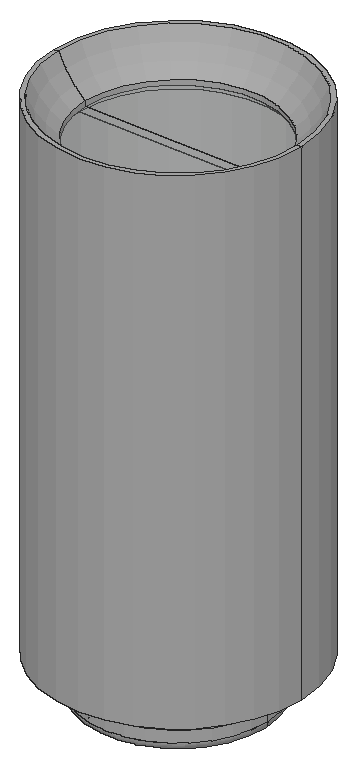
Revit family "LD6LED3S", category Lighting Fixtures, host Face, Revit 2012
Parameters (values of type "LD6LED3 Nichia LED Array 3500 Kelvin with 45° flood distribution")
  Wattage Comments = "14-999W"
  Wattage = 14 W
  built-in parameter 1150110 = 1 (stored number, unit not read)
  Voltage = 120 V
  URL = "http://www.prescolite.com/"
  built-in parameter 1114217 = 1 (stored number, unit not read)
  Tilt Angle = -90.00°
  built-in parameter 1150109 = 1 (stored number, unit not read)
  built-in parameter 1150134 = 3
  built-in parameter 1150113 = 1 (stored number, unit not read)
  Product Page URL = "http://www.prescolite.com/products/ld6/"
  Product Documentation Link = "http://www.prescolite.com/content/products/specs/specs_files/lfo_led_012.pdf"
  Photometric Web File = "2918.IES"
  Model = "LD6LED3S"  # constant formula
  Manufacturer Phone = "864-678-1000"  # constant formula
  Manufacturer Fax = "864-678-1415"  # constant formula
  Manufacturer = "prescolite"  # constant formula
  built-in parameter 1150105 = 165.49 (stored number, unit not read)
  Lumens = 2079.59 lm
  built-in parameter 1150115 = 1 (stored number, unit not read)
  built-in parameter 1150137 = (empty or 0)
  built-in parameter 1150139 = (empty or 0)
  built-in parameter 1150112 = 1 (stored number, unit not read)
  built-in parameter 1150114 = 1 (stored number, unit not read)
  Lamp = "1"
  built-in parameter 1150132 = (empty or 0)
  built-in parameter 1150102 = (empty or 0)
  built-in parameter 1150107 = 3200 (stored number, unit not read)
  built-in parameter 1150138 = (empty or 0)
  built-in parameter 1150106 = 1.6549 (stored number, unit not read)
  Glass = Glass
  Emit from Line Length = 24.000"
  built-in parameter 1150104 = 13.8 (stored number, unit not read)
  Dimming Lamp Color Temperature Shift = <None>
  Description = "6' LED Surface Mount Cylinder"  # constant formula
  Default Elevation = 48.000"
  Color Filter = 16777215
  built-in parameter 1114218 = 1 (stored number, unit not read)
  Backbox = Steel
  built-in parameter 1150133 = 10 (stored number, unit not read)
Types (4): name | Wattage Comments | Voltage | Photometric Web File | Backbox
  LD6LED3 Nichia LED Array 3500 Kelvin with 45° flood distribution | "14-999W" | 120 V | "2918.IES" | Steel
  LD6LED3 Nichia LED Array 3500 Kelvin with 35° flood distribution | "14W" | 0 V | "2919.IES" | White
  LD6LED3 Nichia LED Array 3500 Kelvin with 25° medium distribution | "14W" | 0 V | "2920.IES" | White
  LD6LED3 Nichia LED Array 3500 Kelvin with 18° spot distribution | "14W" | 0 V | "2921.IES" | White
Reference planes (in)
  plane 1 "Center (Front/Back)": y = 0.03999
  plane 2: z = 0
  plane 3 "Center (Left/Right)": x = -11.37583
  plane 4: z = 12.875
  plane 5: z = 0.875
  plane 6: x = -8.37583
  plane 7: x = -14.37583
  plane 8: x = -13.62583
  plane 9: x = -9.12583
Forms (in)
  Revolve 1, solid, material "Steel" <- "Backbox"
    sketch origin (0, 0.03999, 0) x (1, 0, 0) y (0, 0, 1)
      loop
        line (-14.37583, 12.875) -> (-14.37583, 0.875) -> (-14.19215, 0.875) -> (-14.19215, 1.14873)
        arc (-14.19215, 1.14873) -> (-14.14278, 1.26792) -> (-14.02358, 1.31729) r 0.16856
        line (-14.02358, 1.31729) -> (-11.62583, 1.31729) -> (-11.62583, 1.24856) -> (-13.12583, 1.24856)
        arc (-13.12583, 1.24856) -> (-13.47939, 1.10211) -> (-13.62583, 0.74856) r 0.5
        line (-13.62583, 0.74856) -> (-13.62583, 0.42074) -> (-13.55083, 0.42074) -> (-13.55083, 0.74856)
        arc (-13.55083, 0.74856) -> (-13.42635, 1.04908) -> (-13.12583, 1.17356) r 0.425
        line (-13.12583, 1.17356) -> (-11.67621, 1.17356) -> (-11.67621, 1.04787) -> (-11.60104, 1.04787) -> (-11.60104, 0.78257) -> (-11.37583, 0.78257) -> (-11.37583, 1.40392) -> (-14.27583, 1.40392) -> (-14.27583, 12.64635)
        arc (-14.27583, 12.64635) -> (-14.04622, 12.29714) -> (-13.75787, 11.9946) r 2.32841
        line (-13.75787, 11.9946) -> (-13.88227, 11.9946) -> (-13.88227, 11.72625) -> (-13.78227, 11.72625) -> (-13.78227, 11.8946) -> (-13.62583, 11.8946) -> (-13.62583, 12.0141)
        arc (-13.62583, 12.0141) -> (-14.00304, 12.40473) -> (-14.27457, 12.875) r 2.22841
        line (-14.27457, 12.875) -> (-14.37583, 12.875)
      axis (-11.37583, 12.875) -> (-11.37583, 0.42074)
    angle from 0 to 360
  Revolve 2, solid, material "Steel" <- "Backbox"
    sketch origin (0, 0.03999, 0) x (1, 0, 0) y (0, 0, 1)
      loop
        line (-13.55083, 0.42074) -> (-13.55083, 0.10313)
        arc (-13.55083, 0.10313) -> (-13.49226, -0.03829) -> (-13.35084, -0.09686) r 0.19999
        line (-13.35084, -0.09686) -> (-11.37583, -0.09686) -> (-11.37583, 0) -> (-13.24453, 0)
        arc (-13.24453, 0) -> (-13.3863, 0.05872) -> (-13.44502, 0.20049) r 0.20049
        line (-13.44502, 0.20049) -> (-13.44502, 0.62279) -> (-13.55083, 0.62279) -> (-13.55083, 0.42074)
      axis (-11.37583, 0.62279) -> (-11.37583, -0.09686)
    angle from 0 to 360
  Revolve 3, solid, material "Glass" <- "Glass"
    sketch origin (0, 0.03999, 0) x (1, 0, 0) y (0, 0, 1)
      loop
        line (-13.78227, 11.8946) -> (-13.78227, 11.72625) -> (-11.37583, 11.72625) -> (-11.37583, 11.8946) -> (-13.78227, 11.8946)
      axis (-11.37583, 11.8946) -> (-11.37583, 11.72625)
    angle from 0 to 360
Cuts and joins
  joined: Revolve 1, Revolve 2
Dimensions and locks (in)
  locked: plane 4 to plane 5 at 12
  locked: plane 4 to host face at 12.875
  equal spacing: plane 7, plane 3 "Center (Left/Right)", plane 6
  locked: plane 7 to plane 6 at 6
  equal spacing: plane 9, plane 3 "Center (Left/Right)", plane 8
  locked: plane 9 to plane 8 at 4.5
  aligned and locked: plane 2 to host face
  aligned and locked: level to host face
  aligned and locked: Revolve 1 sketch curve to plane 3 "Center (Left/Right)"  (x2)
  aligned and locked: plane 5 to Revolve 1 sketch curve
  aligned and locked: plane 7 to Revolve 1 sketch curve
  aligned and locked: Revolve 2 sketch curve to plane 3 "Center (Left/Right)"
  aligned and locked: Revolve 3 sketch curve to cut or joined group of Revolve 1, Revolve 2  (x3)
  aligned and locked: Revolve 3 sketch curve to plane 3 "Center (Left/Right)"  (x2)
  aligned and locked: plane 3 "Center (Left/Right)" to imposter light
  aligned and locked: imposter light to cut or joined group of Revolve 1, Revolve 2
  aligned and locked: imposter light to plane 1 "Center (Front/Back)"
Automatic sketch dimensions
  host sketch curve to host sketch curve = 96.000"  (x2)
  Revolve 1 sketch curve to Revolve 1 sketch curve = 0.000"  (x5)
  Revolve 1 sketch curve to plane 4 = 0.000"
  Revolve 1 sketch curve to plane 8 = 0.000"  (x2)
  Revolve 1 sketch curve to plane 7 = 0.100"
  Revolve 1 sketch curve to plane 7 = 0.10126"
  Revolve 1 sketch curve to plane 7 = 0.18369"
  Revolve 1 sketch curve to Revolve 1 sketch curve = 0.16856"
  Revolve 1 sketch curve to plane 8 = 0.25643"
  Revolve 1 sketch curve to Revolve 1 sketch curve = 0.100"  (x2)
  Revolve 1 sketch curve to Revolve 1 sketch curve = 0.0244"
  plane 8 to Revolve 1 sketch curve = 0.075"
  plane 8 to Revolve 1 sketch curve = 0.500"
  Revolve 1 sketch curve to plane 3 "Center (Left/Right)" = 0.84752"
  Revolve 1 sketch curve to plane 3 "Center (Left/Right)" = 0.30038"
  Revolve 1 sketch curve to Revolve 1 sketch curve = 0.05038"
  plane 5 to Revolve 1 sketch curve = 0.09243"
  Revolve 1 sketch curve to Revolve 1 sketch curve = 0.22521"
  plane 5 to Revolve 1 sketch curve = 0.12644"
  Revolve 1 sketch curve to Revolve 1 sketch curve = 0.32781"
  Revolve 1 sketch curve to level = 0.99668"
  Revolve 1 sketch curve to Revolve 1 sketch curve = 0.12568"
  Revolve 1 sketch curve to plane 5 = 0.27373"
  Revolve 1 sketch curve to Revolve 1 sketch curve = 0.08663"
  Revolve 1 sketch curve to plane 4 = 1.14875"
  Revolve 1 sketch curve to Revolve 1 sketch curve = 0.11949"
  Revolve 1 sketch curve to Revolve 1 sketch curve = 1.00749"
  Revolve 1 sketch curve to Revolve 1 sketch curve = 0.16835"
  Revolve 2 sketch curve to level = 0.000"
  Revolve 2 sketch curve to plane 3 "Center (Left/Right)" = 0.000"
  plane 8 to Revolve 2 sketch curve = 0.3813"
  Revolve 2 sketch curve to Revolve 2 sketch curve = 0.10631"
  plane 8 to Revolve 2 sketch curve = 0.18081"
  plane 8 to Revolve 2 sketch curve = 0.075"
  Revolve 2 sketch curve to level = 0.09686"
  Revolve 2 sketch curve to Revolve 2 sketch curve = 0.40807"
  Revolve 2 sketch curve to Revolve 2 sketch curve = 0.22025"
  Revolve 2 sketch curve to Revolve 2 sketch curve = 0.20205"
  Revolve 2 sketch curve to plane 5 = 0.8057"
  Revolve 3 sketch curve to Revolve 3 sketch curve = 0.690"
  Revolve 3 sketch curve to Revolve 3 sketch curve = 0.4804"
Connectors (in)
  electrical at (-11.37583, 0.03999, 0.42074), driven by "Description", driven by "Voltage"
    settings: on cut or joined group of Revolve 1, Revolve 2, index 1, voltage 120 V, apparent load 0 VA, apparent load phase1 0 VA, apparent load phase2 0 VA, apparent load phase3 0 VA, power factor 1, load classification "Other", number of poles 1, system type 31, power factor state 1, is connector primary yes, connector utility no, sub classification motor no, connector description "6' LED Surface Mount Cylinder"
